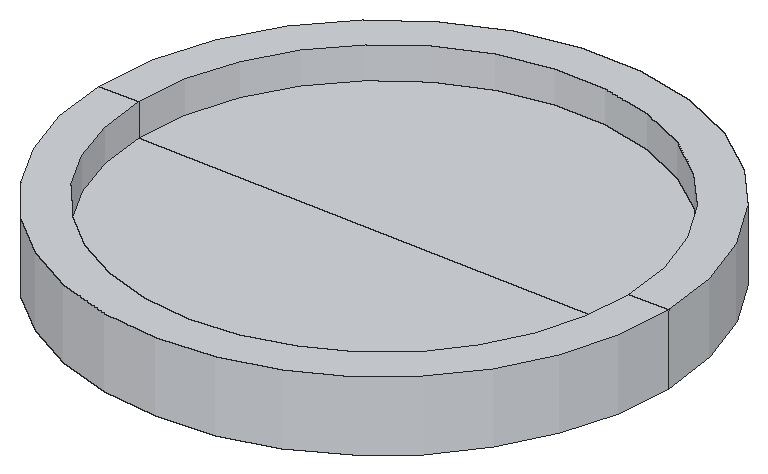
Revit family "Alcon-12182-S-7-Revit-Family", category Lighting Fixtures, host Ceiling, Revit 2021
Family settings
  Host = Ceiling
  Round Connector Dimension = Use Diameter
  Part Type = Normal
  Always vertical = Yes
  Cut with Voids When Loaded = No
  Light Source = Yes
  Shared = No
  Room Calculation Point = No
Parameters
  Wattage = 9.2903 W
  built-in parameter 1150110 = 1 (stored number, unit not read)
  built-in parameter 1114217 = 1 (stored number, unit not read)
  built-in parameter 1150109 = 1 (stored number, unit not read)
  built-in parameter 1150134 = 3
  built-in parameter 1150113 = 1 (stored number, unit not read)
  Product Identity = "Alcon Lighting 12182-S-7"
  Manufacturer = "Alcon Light"
  built-in parameter 1150105 = 439.27 (stored number, unit not read)
  Lumens = 1380 lm
  built-in parameter 1150115 = 1 (stored number, unit not read)
  Link To Product Page = "https://www.alconlighting.com/12182-s-7-disk-round-surface.html"
  Light Source Symbol Size = 0' - 7"
  built-in parameter 1150137 = (empty or 0)
  built-in parameter 1150139 = (empty or 0)
  Lens = none
  built-in parameter 1150112 = 1 (stored number, unit not read)
  built-in parameter 1150114 = 1 (stored number, unit not read)
  built-in parameter 1150132 = (empty or 0)
  built-in parameter 1150102 = (empty or 0)
  built-in parameter 1150107 = 3200 (stored number, unit not read)
  built-in parameter 1150138 = (empty or 0)
  built-in parameter 1150106 = 4.3927 (stored number, unit not read)
  Housing = none
  Emit from Circle Diameter = 0' - 7"
  Emit Shape Visible in Rendering = no
  built-in parameter 1150104 = 13.8 (stored number, unit not read)
  Dimming Lamp Color Temperature Shift = (empty or 0)
  Default Elevation = 0' - 0"
  Color Filter = 16777215
  built-in parameter 1114218 = 1 (stored number, unit not read)
  built-in parameter 1150133 = 10 (stored number, unit not read)
Reference planes (in)
  plane 1 "Center (Front/Back)": y = 0
  plane 2 "Ceiling": z = 96
  plane 3 "Center (Left/Right)": x = 0
Forms (in)
  Revolve 1, solid, material <- "Lens"
    sketch origin (0, 0, 0) x (1, 0, 0) y (0, 0, 1)
      loop
        line (0, 95.54687) -> (0, 95.04688) -> (3.5, 95.04688) -> (3.5, 95.54687) -> (0, 95.54687)
      axis (0, 95.04688) -> (0, 95.54687)
    angle from 0 to 360
  Revolve 2, solid, material <- "Housing"
    sketch origin (0, 0, 0) x (1, 0, 0) y (0, 0, 1)
      loop
        line (4.0625, 96) -> (3.5, 96) -> (3.5, 95) -> (4.0625, 95) -> (4.0625, 96)
      axis (0, 95) -> (0, 96)
    angle from 0 to 360
Dimensions and locks (in)
  equal spacing: host sketch curve, plane 3 "Center (Left/Right)", host sketch curve
  equal spacing: host sketch curve, plane 1 "Center (Front/Back)", host sketch curve
  host sketch curve to host sketch curve = 10' - 0"  (x2)
